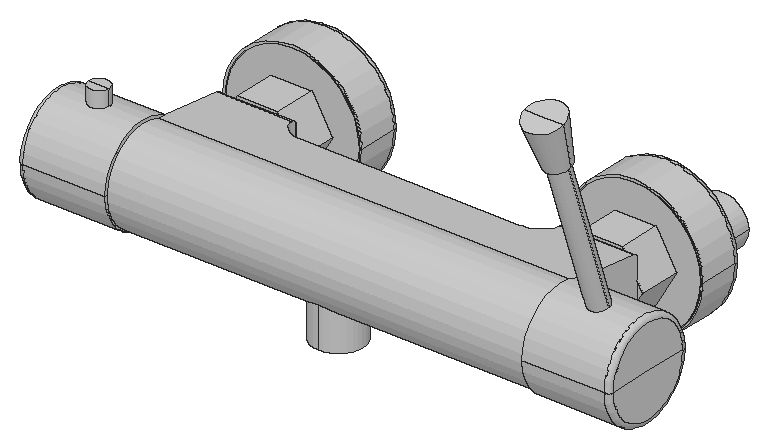
Revit family "PRE030041", category Appareils sanitaires, Revit 2017
Family settings
  Cote de connecteur circulaire = Utiliser le diamètre
  Type d'élément = Normal
  Basée sur le plan de construction = Oui
  Toujours verticalement = Oui
  Couper avec des vides une fois chargée = Non
  Partagée = Non
  Point de calcul de pièce = Non
Parameters (values of type "75638 Presto Mastermix mitigeur thermostatique de douche")
  Variantes = "75638 -75639 -75640"
  Garantie = ""
  Material = PRESTO Chrome
  URL Fabricant = "http://www.prestodatashare.com/centretelechargement/index.php?lang=FR&refs=75638"
  URL = ""
  Lien notice d'utilisation = ""
  Lien fiche produit = ""
  Reference = "75638"
  Pression = ""
  Polantis code = "PRE030041"
  Perte de charge = 0.0 Pa
  Default Elevation = 1219.2 mm
  Profondeur = 0 mm
  Modèle = "75638 Presto Mastermix mitigeur thermostatique de douche"
  Lien CCTP = ""
  Largeur = 0 mm
  Hauteur = 0 mm
  Fonction = ""
  Flux = 0.05 L/s
  Finition = ""
  Fabricant = "LES ROBINETS PRESTO SA"
  Diamètre nominal = 15 mm
  Description = ""
  Debit = ""
  Raccordement = ""
  Adresse = "7 RUE RACINE  92542 MONTROUGE CEDEX FRANCE"
  5 = no
  4 = yes
  3 = no
  2 = yes
  1 = yes
Types (3, lengths in mm): name | URL Fabricant | Reference | Polantis code | Modèle | 5 | 4 | 3 | 2
  75638 Presto Mastermix mitigeur thermostatique de douche | "http://www.prestodatashare.com/centretelechargement/index.php?lang=FR&refs=75638" | "75638" | "PRE030041" | "75638 Presto Mastermix mitigeur thermostatique de douche" | no | yes | no | yes
  75639 Presto Mastermix mitigeur thermostatique de douche | "http://www.prestodatashare.com/centretelechargement/index.php?lang=FR&refs=75639" | "75639" | "PRE030041a" | "75639 Presto Mastermix mitigeur thermostatique de douche" | yes | no | yes | no
  75640 Presto Mastermix mitigeur thermostatique de douche | "http://www.prestodatashare.com/centretelechargement/index.php?lang=FR&refs=75640" | "75640" | "PRE030041b" | "75640 Presto Mastermix mitigeur thermostatique de douche" | no | no | yes | yes
Reference planes
  plane 1 "Centre (avant/arrière)": y = 0
  plane 2: z = 0
  plane 3 "Centre (gauche/droite)": x = 0
Dimensions and locks
  aligned and locked: level to plane 2
Nested families
  nested 1: "PRE030041_Objet" at (0, -46.495, -36.063), type "PRE030041_Objet"
Connectors
  piping at (-70.458, 16.969, 0), diameter 15, driven by "Diamètre nominal", driven by "Flux", driven by "Perte de charge"
    settings: on nested 1, index 1, connector inside diameter 609.6 mm, connector length 0 mm, flow factor 0, pipe flow 0.05 L/s, pressure drop 0.0 Pa, fitting loss kfactor 0, connector angle 0.00°, fixture units 0, engagement length 0 mm, angle of deflection 0.00°, flow configuration 0, flow direction 1, fitting loss method 4, system type 19, joint type 0, gender type 0, connector reference index -1, connector utility 0, adjustable connector no, is connector primary yes, connector description ""
  piping at (79.819, 16.968, 0), diameter 15, driven by "Diamètre nominal", driven by "Flux", driven by "Perte de charge"
    settings: on nested 1, index 2, connector inside diameter 609.6 mm, connector length 0 mm, flow factor 0, pipe flow 0.05 L/s, pressure drop 0.0 Pa, fitting loss kfactor 0, connector angle 0.00°, fixture units 0, engagement length 0 mm, angle of deflection 0.00°, flow configuration 0, flow direction 1, fitting loss method 4, system type 20, joint type 0, gender type 0, connector reference index -1, connector utility 0, adjustable connector no, is connector primary no, connector description ""
Definition of nested family "PRE030041_Objet"
  Parameters (values of type "PRE030041_Objet")
    Polantis code = "PRE030041"
    Finishes 1 = none
    5 = no
    4 = yes
    3 = no
    2 = yes
    1 = yes
  Reference planes
    plane 1 "Center (Front/Back)": y = 0
    plane 2: z = 6.875
    plane 3 "Center (Left/Right)": x = 0
    plane 4: x = 3.792
    plane 5: z = 36.063
  Forms (mm)
    Revolve 1, solid, material <- "Finishes 1", visible <- "4"
      sketch origin (292.888, 18.593, -85.04) x (1, 0, 0) y (0, 0.325568, -0.945519)
        loop
          line (-188.675, -144.038) -> (-188.675, -232.253) -> (-180.823, -232.253) -> (-183.282, -212.22) -> (-184.646, -212.22) -> (-184.646, -144.038) -> (-188.675, -144.038)
        axis (-188.675, -144.038) -> (-188.675, -232.253)
      angle from 0 to 360
    Revolve 2, solid, material <- "Finishes 1"
      sketch origin (-76.356, -33.035, 36.063) x (-1, 0, 0) y (0, -1, 0)
        loop
          line (-176.52, -60.766) -> (-176.52, -76.995)
          arc (-176.52, -76.995) -> (-175.777, -78.789) -> (-173.982, -79.533) r 2.538
          line (-173.982, -79.533) -> (-148.632, -79.533) -> (-148.632, -76.818) -> (-175.632, -76.818) -> (-175.632, -60.766) -> (-176.52, -60.766)
        axis (-148.632, -79.533) -> (-148.632, -60.766)
      angle from 0 to 360
    Extrusion 3, solid, material <- "Finishes 1"
      sketch origin (-3.83, -27.119, 9.188) x (0, 1, 0) y (0, 0, -1)
        loop
          arc (37.863, -15.455) -> (37.452, -14.37) -> (36.425, -13.829) r 1.638
          line (36.425, -13.829) -> (6.868, -10.2)
          arc (6.868, -10.2) -> (-18.885, -27.238) -> (6.868, -44.277) r 18.513
          line (6.868, -44.277) -> (36.458, -40.644)
          arc (36.458, -40.644) -> (37.462, -40.116) -> (37.863, -39.056) r 1.6
          line (37.863, -39.056) -> (37.863, -15.455)
      from -90.982 to 76.678
    Revolve 4, solid, material <- "Finishes 1"
      sketch origin (0, 158.35, 0) x (0, -1, 0) y (0, 0, -1)
        loop
          line (198.607, -6.875) -> (188.607, -6.875) -> (188.607, -24.011) -> (198.607, -24.011) -> (198.607, -6.875)
        axis (188.607, -6.875) -> (188.607, -24.011)
      angle from 0 to 360
    Extrusion 5, solid, material <- "Finishes 1"
      sketch origin (72.276, 30.3, 29.188) x (1, 0, 0) y (0, 0, -1)
        loop
          circle (0, -6.875) r 27
      from -2.569 to 0
    Revolve 6, solid, material <- "Finishes 1"
      sketch origin (-213.494, -33.038, 36.063) x (-1, 0, 0) y (0, -1, 0)
        loop
          line (-176.52, -60.766) -> (-176.52, -76.995)
          arc (-176.52, -76.995) -> (-175.777, -78.789) -> (-173.982, -79.533) r 2.538
          line (-173.982, -79.533) -> (-148.632, -79.533) -> (-148.632, -76.818) -> (-175.632, -76.818) -> (-175.632, -60.766) -> (-176.52, -60.766)
        axis (-148.632, -79.533) -> (-148.632, -60.766)
      angle from 0 to 360
    Extrusion 7, solid, material <- "Finishes 1"
      sketch origin (-64.862, 30.297, 29.188) x (1, 0, 0) y (0, 0, -1)
        loop
          circle (0, -6.875) r 27
      from -2.569 to 0
    Revolve 8, solid, material <- "Finishes 1", visible <- "1"
      sketch origin (89.912, -27.043, -90.424) x (1, 0, 0) y (0, 0, -1)
        loop
          line (-188.675, -144.038) -> (-188.675, -152.253) -> (-184.646, -152.253) -> (-184.646, -144.038) -> (-188.675, -144.038)
        axis (-188.675, -144.038) -> (-188.675, -152.253)
      angle from 0 to 360
    Extrusion 9, solid, material <- "Finishes 1"
      sketch origin (280.412, 106.776, -189.004) x (0.866025, 0, -0.5) y (-0.5, 0, -0.866025)
        loop
          line (-425.924, -14.055) -> (-425.924, -30.382) -> (-411.785, -38.546) -> (-397.645, -30.382) -> (-397.645, -14.055) -> (-411.785, -5.892) -> (-425.924, -14.055)
      from -96.032 to -79.045
    Revolve 10, solid, material <- "Finishes 1"
      sketch origin (-641.665, 243.062, 36.063) x (1, 0, 0) y (0, 1, 0)
        loop
          line (561.206, -196.567) -> (571.206, -196.567) -> (571.206, -179.598) -> (561.206, -179.598) -> (561.206, -196.567)
        axis (571.206, -179.598) -> (571.206, -196.567)
      angle from 0 to 360
    Revolve 11, solid, material <- "Finishes 1"
      sketch origin (-491.387, 243.065, 36.063) x (1, 0, 0) y (0, 1, 0)
        loop
          line (561.206, -196.567) -> (571.206, -196.567) -> (571.206, -179.602) -> (561.206, -179.602) -> (561.206, -196.567)
        axis (571.206, -179.602) -> (571.206, -196.567)
      angle from 0 to 360
    Extrusion 12, solid, material <- "Finishes 1"
      sketch origin (-3.83, -27.119, 9.188) x (0, 1, 0) y (0, 0, -1)
        loop
          arc (37.863, -15.455) -> (37.452, -14.37) -> (36.425, -13.829) r 1.638
          line (36.425, -13.829) -> (6.868, -10.2)
          arc (6.868, -10.2) -> (-18.885, -27.238) -> (6.868, -44.277) r 18.513
          line (6.868, -44.277) -> (36.458, -40.644)
          arc (36.458, -40.644) -> (37.462, -40.116) -> (37.863, -39.056) r 1.6
          line (37.863, -39.056) -> (37.863, -15.455)
      from -90.982 to 76.678
    Extrusion 13, void
      sketch origin (254.492, 106.776, 16.063) x (1, 0, 0) y (0, 1, 0)
        loop
          arc (-304.492, -96.527) -> (-301.563, -103.598) -> (-294.492, -106.527) r 10
          line (-294.492, -106.527) -> (-206.909, -106.527)
          arc (-206.909, -106.527) -> (-199.838, -103.598) -> (-196.909, -96.527) r 10
          line (-196.909, -96.527) -> (-196.909, -82.82) -> (-304.492, -82.82) -> (-304.492, -96.527)
      from 2.546 to 37.551
    Revolve 14, solid, material <- "Finishes 1", visible <- "2"
      sketch origin (0, 0, 36.449) x (1, 0, 0) y (0, 1, 0)
        loop
          line (-115.585, -9.842) -> (-115.585, -27.342) -> (-80.508, -27.342) -> (-80.508, -7.842) -> (-113.585, -7.842)
          arc (-113.585, -7.842) -> (-114.999, -8.428) -> (-115.585, -9.842) r 2
        axis (-80.508, -27.342) -> (-115.585, -27.342)
      angle from 0 to 360
    Revolve 15, solid, material <- "Finishes 1"
      sketch origin (6.645, 0, 36.449) x (-1, 0, 0) y (0, -1, 0)
        loop
          arc (-115.585, 9.842) -> (-114.999, 8.428) -> (-113.585, 7.842) r 2
          line (-113.585, 7.842) -> (-80.508, 7.842) -> (-80.508, 27.342) -> (-115.585, 27.342) -> (-115.585, 9.842)
        axis (-80.508, 27.342) -> (-115.585, 27.342)
      angle from 0 to 360
    Extrusion 16, solid, material <- "Finishes 1"
      sketch origin (-272.293, 106.776, -189.004) x (-0.866025, 0, -0.5) y (-0.5, 0, 0.866025)
        loop
          line (-425.924, 14.055) -> (-411.785, 5.892) -> (-397.645, 14.055) -> (-397.645, 30.382) -> (-411.785, 38.546) -> (-425.924, 30.382) -> (-425.924, 14.055)
      from -96.032 to -79.045
    Revolve 17, solid, material <- "Finishes 1", visible <- "3"
      sketch origin (-89.912, -27.043, -90.424) x (-1, 0, 0) y (0, 0, 1)
        loop
          line (-188.675, 144.038) -> (-184.646, 144.038) -> (-184.646, 152.253) -> (-188.675, 152.253) -> (-188.675, 144.038)
        axis (-188.675, 144.038) -> (-188.675, 152.253)
      angle from 0 to 360
  Cuts and joins
    Extrusion 13 cuts Extrusion 3
    Extrusion 13 cuts Extrusion 12
  Dimensions and locks
    aligned and locked: plane 3 "Center (Left/Right)" to Revolve 4
  Nested families
    nested 1: "Famille33" at (-80.508, -27.342, 36.375) x (-1, 0, 0) z (0, 0, 1), visible <- "5", type "Famille33"
  Definition of nested family "Famille33"
    Reference planes
      plane 1 "Centre (avant/arrière)": y = 0
      plane 2: z = 0
      plane 3 "Centre (gauche/droite)": x = 0
      plane 4: through (36.318, 11.582, 1200) normal (-0.2588, -0.9659, 0)
      plane 5: through (32.244, 12.674, 1200) normal (-0.9659, 0.2588, 0)
    Forms (mm)
      Extrusion 1, solid
        sketch origin (0, 0, 0) x (0, 1, 0) y (0, 0, 1)
          loop
            circle (0, 0) r 19
        from 0 to 34
      Sweep 2, void
        path origin (0, 0, 0) x (1, 0, 0) y (0, 1, 0)
          loop
            line (53.614, 6.948) -> (-11.117, 24.292)
        profile origin (21.248, 15.62, 0) x (-0.258819, -0.965926, 0) y (0, 0, 1)
          loop
            line (0, 25.946) -> (-35, 25.946) -> (-35, -23.354) -> (0, -23.354)
            arc (0, -23.354) -> (1.308, 1.296) -> (0, 25.946) r 232.928
      Sweep 3, void
        path origin (0, 0, 0) x (1, 0, 0) y (0, -1, 0)
          loop
            line (53.614, 6.948) -> (-11.117, 24.292)
        profile origin (21.248, -15.62, 0) x (0.258819, -0.965926, 0) y (0, 0, 1)
          loop
            arc (0, 25.946) -> (-1.308, 1.296) -> (0, -23.354) r 232.928
            line (0, -23.354) -> (35, -23.354) -> (35, 25.946) -> (0, 25.946)
    Cuts and joins
      Sweep 2, Sweep 3 cuts Extrusion 1
    Dimensions and locks
      aligned and locked: level to plane 2
